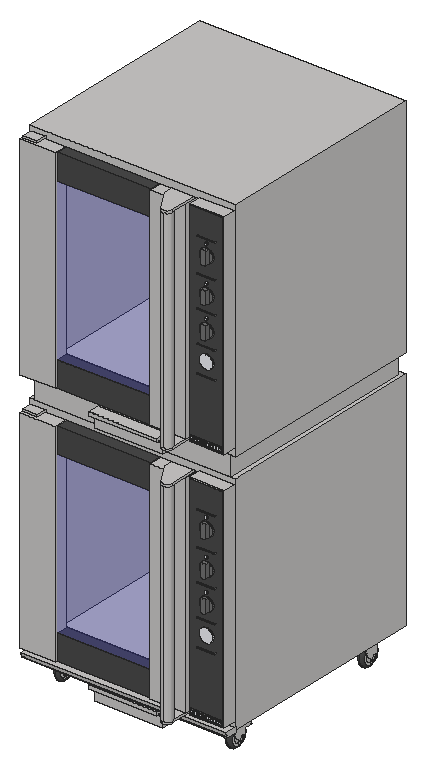
Revit family
Parameters
  Width = 28 7/8"
  Weight in Pounds = 361
  Watts = 1450 W
  Volts = 120 V
  URL Cutsheet = "www.moffat.com"
  URL = "www.moffat.com"
  Type Mark [instance] = ""
  Status [instance] = ""
  Specification by User [instance] = ""
  Specification by Manufacturer = ""
  Show Logo [instance] = yes
  Show Clearance [instance] = yes
  Serial Number = ""
  Seismic Rating = ""
  SMACNA No = ""
  Revision Code [instance] = ""
  Plumbing Remarks [instance] = ""
  Plumbing Connection Type [instance] = ""
  Phase = 1
  Omniclass Number and Title = ""
  Number of Poles [instance] = 1
  NAFEM Spec ID Number = ""
  Model = "P8M2"
  Min Ckt Ampacity = 0 A
  Max Overcurrent Protection = 0 A
  Masterspec = ""
  Manufacturer = "TURBOFAN"
  Item Number [instance] = ""
  Installed By [instance] = ""
  Identify Quantity as Lot [instance] = yes
  Height = 70 1/2"
  HP = ""
  Furnished By [instance] = ""
  Foodservice Equipment Identifier [instance] = yes
  FL Amps = 11.6 A
  Electrical Remarks [instance] = ""
  Electric Connection Type [instance] = ""
  Elec Conn RI Height [instance] = 0"
  Elec Conn Connection Height [instance] = 0"
  Description = "FULL SIZE SHEET PAN - MANUAL ELECTRIC PROOFER AND HOLDING CABINET DOUBLE STACKED"
  Depth = 31 7/8"
  Cycle = if(Code = 0, (if([60 Hertz Option], 60 Hz, 50 Hz)), 60 Hz)  # 60 Hz
  Conn Plug = "NEMA 5-15P"
  Conn Conduit = yes
  Cold Water Temperature Recommended [instance] = -459.67 °F
  Cold Water Size = 3/4"
  Cold Water RI Height [instance] = 0"
  Cold Water Minimum Pressure [instance] = 20.00 psi
  Cold Water Maximum Pressure [instance] = 80.00 psi
  Cold Water Flow [instance] = 0 GPM
  Cold Water Consumption [instance] = ""
  Cold Water Connection Height = 0"
  Code = 0
  CSI MasterFormat = ""
  CSI Master Format = ""
  Apparent Power = if(Phase = 3, Volts * FL Amps * 1.73, Volts * FL Amps)  # 1392 VA
  60 Hertz Option = yes
  50 Hertz Option = not([60 Hertz Option])  # no
Reference planes (in)
  plane 1 "BACK": y = 0
  plane 2: z = 0
  plane 3 "LEFT": x = 0
  plane 4 "RIGHT": x = 28.875
  plane 5 "FRONT": y = -31.875
  plane 6 "TOP": z = 36
  plane 7 "Center Y": x = 14.4375
  plane 8 "Center X": y = -15.9375
  plane 9 "base": z = 3
  plane 10: z = 3.96803
  plane 11: z = 4.59795
  plane 12 "front 1": y = -29.92126
  plane 13: z = 70.5
Forms (in)
  Extrusion 1, solid, material "QF_Finishes_Stainless Steel"
    sketch origin (0, 0, 0) x (1, 0, 0) y (0, 0, 1)
      loop
        line (0, 36) -> (0, 4.25) -> (28.875, 4.25) -> (28.875, 36) -> (0, 36)
      loop
        line (3, 33) -> (3, 7.59795) -> (20.48425, 7.59795) -> (20.48425, 33) -> (3, 33)
      loop
        line (0, 70.5) -> (0, 38.75) -> (28.875, 38.75) -> (28.875, 70.5) -> (0, 70.5)
      loop
        line (3, 67.5) -> (3, 42.09795) -> (20.48425, 42.09795) -> (20.48425, 67.5) -> (3, 67.5)
    from 0 to 29.92126
  Extrusion 2, solid, material "QF_Finishes_Stainless Steel"
    sketch origin (0, 0, 0) x (1, 0, 0) y (0, 0, 1)
      loop
        line (3, 33) -> (3, 7.59795) -> (20.48425, 7.59795) -> (20.48425, 33) -> (3, 33)
      loop
        line (3, 67.5) -> (3, 42.09795) -> (20.48425, 42.09795) -> (20.48425, 67.5) -> (3, 67.5)
    from 0 to 2
  Extrusion 3, solid, material "QF_Finishes_Stainless Steel"
    sketch origin (0, -29.92126, 0) x (1, 0, 0) y (0, 0, 1)
      loop
        line (0.15748, 35.06055) -> (0.15748, 5.40157) -> (5.11811, 5.40157) -> (5.11811, 35.06055) -> (0.15748, 35.06055)
      loop
        line (18.36614, 35.06055) -> (18.36614, 5.40157) -> (23.48425, 5.40157) -> (23.48425, 35.06055) -> (18.36614, 35.06055)
      loop
        line (0.15748, 69.56055) -> (0.15748, 39.90157) -> (5.11811, 39.90157) -> (5.11811, 69.56055) -> (0.15748, 69.56055)
      loop
        line (18.36614, 69.56055) -> (18.36614, 39.90157) -> (23.48425, 39.90157) -> (23.48425, 69.56055) -> (18.36614, 69.56055)
    from 0.125 to 1.95374
  Extrusion 4, solid, material "QF_Finishes_Stainless Steel"
    sketch origin (0, -29.92126, 0) x (1, 0, 0) y (0, 0, 1)
      loop
        line (24.01575, 35.29677) -> (24.01575, 5.39913) -> (28.875, 5.39913) -> (28.875, 35.29677) -> (24.01575, 35.29677)
      loop
        line (24.01575, 69.79677) -> (24.01575, 39.89913) -> (28.875, 39.89913) -> (28.875, 69.79677) -> (24.01575, 69.79677)
    from 0.125 to 1.95374
  Extrusion 5, solid, material "QF_Finishes_Black"
    sketch origin (0, -29.92126, 0) x (1, 0, 0) y (0, 0, 1)
      loop
        line (5.11811, 35.06055) -> (5.11811, 31.51724) -> (18.36614, 31.51724) -> (18.36614, 35.06055) -> (5.11811, 35.06055)
      loop
        line (5.11811, 5.40157) -> (18.36614, 5.40157) -> (18.36614, 8.94488) -> (5.11811, 8.94488) -> (5.11811, 5.40157)
      loop
        line (5.11811, 69.56055) -> (5.11811, 66.01724) -> (18.36614, 66.01724) -> (18.36614, 69.56055) -> (5.11811, 69.56055)
      loop
        line (5.11811, 39.90157) -> (18.36614, 39.90157) -> (18.36614, 43.44488) -> (5.11811, 43.44488) -> (5.11811, 39.90157)
    from 0.125 to 1.75
  Extrusion 6, solid, material "Glass"
    sketch origin (0, -29.92126, 0) x (1, 0, 0) y (0, 0, 1)
      loop
        line (5.11811, 31.51724) -> (5.11811, 8.94488) -> (18.36614, 8.94488) -> (18.36614, 31.51724) -> (5.11811, 31.51724)
      loop
        line (5.11811, 66.01724) -> (5.11811, 43.44488) -> (18.36614, 43.44488) -> (18.36614, 66.01724) -> (5.11811, 66.01724)
    from 0.125 to 1.75
  Extrusion 7, solid, material "QF_Finishes_Stainless Steel"
    sketch origin (0.15748, -29.92126, 35.06055) x (1, 0, 0) y (0, 1, 0)
      loop
        arc (22.00626, -4.67108) -> (22.78105, -4.98323) -> (23.2874, -4.3189) r 0.68898
        line (23.2874, -4.3189) -> (23.2874, -0.43307) -> (20.17717, -0.43307) -> (20.17717, -1.68743) -> (22.00626, -4.67108)
      loop
        line (0, 0) -> (0, -1.5) -> (2, -1.5) -> (2, 0) -> (0, 0)
    from 0 to 0.25
  Extrusion 8, solid, material "QF_Finishes_Stainless Steel"
    sketch origin (23.48425, -29.92126, 5.40157) x (0, 1, 0) y (1, 0, 0)
      loop
        line (-4.67108, -1.32051) -> (-1.68743, -3.14961) -> (-0.43307, -3.14961) -> (-0.43307, -0.03937) -> (-4.3189, -0.03937)
        arc (-4.3189, -0.03937) -> (-4.98323, -0.54572) -> (-4.67108, -1.32051) r 0.68898
      loop
        line (0, -23.32677) -> (0, -21.32677) -> (-1.5, -21.32677) -> (-1.5, -23.32677) -> (0, -23.32677)
    from 0 to 0.25
  Extrusion 9, solid, material "QF_Finishes_Stainless Steel"
    sketch origin (0.15748, -29.92126, 35.06055) x (0, 1, 0) y (1, 0, 0)
      loop
        circle (-4.3189, 22.59843) r 0.68898
    from 0 to 29.66142
  Extrusion 10, solid, material "QF_Finishes_Black"
    sketch origin (0, -31.875, 0) x (1, 0, 0) y (0, 0, 1)
      loop
        line (24.14075, 35.17177) -> (24.14075, 5.52413) -> (28.75, 5.52413) -> (28.75, 35.17177) -> (24.14075, 35.17177)
      loop
        line (24.14075, 69.67177) -> (24.14075, 40.02413) -> (28.75, 40.02413) -> (28.75, 69.67177) -> (24.14075, 69.67177)
    from 0 to 0.0625
  Extrusion 11, solid, material "QF_Finishes_Rubber Black"
    sketch origin (0, -31.9375, 0) x (1, 0, 0) y (0, 0, 1)
      loop
        circle (26.47638, 29.67323) r 0.94488
      loop
        circle (26.47638, 24.66142) r 0.94488
      loop
        circle (26.47638, 20.22441) r 0.94488
      loop
        line (25.19589, 31.81009) -> (25.19589, 31.71431) -> (27.69589, 31.71431) -> (27.69589, 31.81009) -> (25.19589, 31.81009)
      loop
        line (25.19589, 27.06009) -> (25.19589, 26.96431) -> (27.69589, 26.96431) -> (27.69589, 27.06009) -> (25.19589, 27.06009)
      loop
        line (25.19589, 22.62308) -> (25.19589, 22.52731) -> (27.69589, 22.52731) -> (27.69589, 22.62308) -> (25.19589, 22.62308)
      loop
        line (25.19589, 18.18607) -> (25.19589, 18.0903) -> (27.69589, 18.0903) -> (27.69589, 18.18607) -> (25.19589, 18.18607)
      loop
        line (25.19589, 14.43607) -> (25.19589, 14.3403) -> (27.69589, 14.3403) -> (27.69589, 14.43607) -> (25.19589, 14.43607)
      loop
        circle (26.47638, 64.17323) r 0.94488
      loop
        circle (26.47638, 59.16142) r 0.94488
      loop
        circle (26.47638, 54.72441) r 0.94488
      loop
        line (25.19589, 66.31009) -> (25.19589, 66.21431) -> (27.69589, 66.21431) -> (27.69589, 66.31009) -> (25.19589, 66.31009)
      loop
        line (25.19589, 61.56009) -> (25.19589, 61.46431) -> (27.69589, 61.46431) -> (27.69589, 61.56009) -> (25.19589, 61.56009)
      loop
        line (25.19589, 57.12308) -> (25.19589, 57.02731) -> (27.69589, 57.02731) -> (27.69589, 57.12308) -> (25.19589, 57.12308)
      loop
        line (25.19589, 52.68607) -> (25.19589, 52.5903) -> (27.69589, 52.5903) -> (27.69589, 52.68607) -> (25.19589, 52.68607)
      loop
        line (25.19589, 48.93607) -> (25.19589, 48.8403) -> (27.69589, 48.8403) -> (27.69589, 48.93607) -> (25.19589, 48.93607)
    from 0 to 0.125
  Extrusion 12, solid, material "QF_Finishes_White"
    sketch origin (0, -31.9375, 0) x (1, 0, 0) y (0, 0, 1)
      loop
        circle (26.47638, 31.14961) r 0.19685
      loop
        circle (26.47638, 26.1378) r 0.19685
      loop
        circle (26.47638, 21.70079) r 0.19685
      loop
        circle (26.47638, 16.2874) r 0.94488
      loop
        circle (26.47638, 65.64961) r 0.19685
      loop
        circle (26.47638, 60.6378) r 0.19685
      loop
        circle (26.47638, 56.20079) r 0.19685
      loop
        circle (26.47638, 50.7874) r 0.94488
    from 0 to 0.125
  Extrusion 13, solid, material "QF_Finishes_Rubber Black"
    sketch origin (0, -32.0625, 0) x (1, 0, 0) y (0, 0, 1)
      loop
        arc (26.79134, 30.56407) -> (26.47638, 30.61811) -> (26.16142, 30.56407) r 0.94488
        line (26.16142, 30.56407) -> (26.16142, 28.78239)
        arc (26.16142, 28.78239) -> (26.47638, 28.72835) -> (26.79134, 28.78239) r 0.94488
        line (26.79134, 28.78239) -> (26.79134, 30.56407)
      loop
        arc (26.79134, 25.55226) -> (26.47638, 25.6063) -> (26.16142, 25.55226) r 0.94488
        line (26.16142, 25.55226) -> (26.16142, 23.77057)
        arc (26.16142, 23.77057) -> (26.47638, 23.71654) -> (26.79134, 23.77057) r 0.94488
        line (26.79134, 23.77057) -> (26.79134, 25.55226)
      loop
        arc (26.79134, 21.11525) -> (26.47638, 21.16929) -> (26.16142, 21.11525) r 0.94488
        line (26.16142, 21.11525) -> (26.16142, 19.33357)
        arc (26.16142, 19.33357) -> (26.47638, 19.27953) -> (26.79134, 19.33357) r 0.94488
        line (26.79134, 19.33357) -> (26.79134, 21.11525)
      loop
        arc (26.79134, 65.06407) -> (26.47638, 65.11811) -> (26.16142, 65.06407) r 0.94488
        line (26.16142, 65.06407) -> (26.16142, 63.28239)
        arc (26.16142, 63.28239) -> (26.47638, 63.22835) -> (26.79134, 63.28239) r 0.94488
        line (26.79134, 63.28239) -> (26.79134, 65.06407)
      loop
        arc (26.79134, 60.05226) -> (26.47638, 60.1063) -> (26.16142, 60.05226) r 0.94488
        line (26.16142, 60.05226) -> (26.16142, 58.27057)
        arc (26.16142, 58.27057) -> (26.47638, 58.21654) -> (26.79134, 58.27057) r 0.94488
        line (26.79134, 58.27057) -> (26.79134, 60.05226)
      loop
        arc (26.79134, 55.61525) -> (26.47638, 55.66929) -> (26.16142, 55.61525) r 0.94488
        line (26.16142, 55.61525) -> (26.16142, 53.83357)
        arc (26.16142, 53.83357) -> (26.47638, 53.77953) -> (26.79134, 53.83357) r 0.94488
        line (26.79134, 53.83357) -> (26.79134, 55.61525)
    from 0 to 0.5
  Extrusion 14, solid, material "QF_Finishes_Stainless Steel"
    sketch origin (0, 0, 0) x (0, 1, 0) y (0, 0, 1)
      loop
        line (-29.79134, 4.59795) -> (-31.59755, 4.59795) -> (-31.45222, 4.05557)
        arc (-31.45222, 4.05557) -> (-31.41004, 3.99244) -> (-31.33813, 3.96803) r 0.11811
        line (-31.33813, 3.96803) -> (-29.90945, 3.96803)
        arc (-29.90945, 3.96803) -> (-29.82593, 4.00262) -> (-29.79134, 4.08614) r 0.11811
        line (-29.79134, 4.08614) -> (-29.79134, 4.59795)
    from 0 to 28.875
  Extrusion 15, solid, material "QF_Finishes_Stainless Steel"
    sketch origin (0, 0, 0) x (1, 0, 0) y (0, 0, 1)
      loop
        circle (24.84252, 32.26378) r 0.375
      loop
        circle (27.93701, 10.46803) r 0.5
      loop
        circle (24.84252, 66.76378) r 0.375
      loop
        circle (27.93701, 44.96803) r 0.5
    from 0 to -0.25
  Extrusion 16, solid, material "QF_Finishes_White", visible <- "Show Logo", detail levels medium+fine
    sketch origin (-216.37389, -32, 24.64305) x (0, 0, 1) y (-1, 0, 0)
      loop
        line (-18.8403, -240.70405) -> (-18.8403, -240.82356) -> (-18.71482, -240.82356) -> (-18.8403, -240.94904) -> (-18.8403, -241.1233) -> (-18.70217, -241.23921) -> (-18.86416, -241.25338) -> (-18.86416, -241.50338) -> (-18.4776, -241.50338) -> (-18.4776, -241.25338) -> (-18.61247, -241.14021) -> (-18.61247, -241.09448) -> (-18.4776, -241.00004) -> (-18.4776, -240.70405) -> (-18.8403, -240.70405)
      loop
        line (-18.4776, -241.65997) -> (-18.55758, -241.58) -> (-18.78625, -241.58) -> (-18.86416, -241.65791) -> (-18.86416, -242.19341) -> (-18.80186, -242.25571) -> (-18.55186, -242.25571) -> (-18.4776, -242.18146) -> (-18.4776, -241.65997)
      loop
        circle (-18.66997, -241.91009) r 0.17543
      loop
        line (-18.4776, -242.864) -> (-18.4776, -242.34319) -> (-18.86416, -242.34319) -> (-18.86416, -242.59319) -> (-18.76042, -242.59319) -> (-18.76042, -242.864) -> (-18.66722, -242.864) -> (-18.66722, -242.59319) -> (-18.57129, -242.59319) -> (-18.57129, -242.864) -> (-18.4776, -242.864)
      loop
        line (-18.4776, -243.4643) -> (-18.4776, -242.94349) -> (-18.86416, -242.94349) -> (-18.86416, -243.19349) -> (-18.76042, -243.19349) -> (-18.76042, -243.4643) -> (-18.66722, -243.4643) -> (-18.66722, -243.19349) -> (-18.57129, -243.19349) -> (-18.57129, -243.4643) -> (-18.4776, -243.4643)
      loop
        line (-18.4776, -243.57443) -> (-18.51098, -243.54105) -> (-18.86416, -243.54105) -> (-18.86416, -243.82065) -> (-18.77961, -243.82065) -> (-18.77961, -243.96424) -> (-18.86416, -243.96424) -> (-18.86416, -244.21424) -> (-18.5313, -244.21424) -> (-18.4776, -244.16054) -> (-18.4776, -243.57443)
      loop
        line (-18.65078, -243.82065) -> (-18.65078, -243.96424) -> (-18.60418, -243.96424) -> (-18.57129, -243.93135) -> (-18.57129, -243.85403) -> (-18.60467, -243.82065) -> (-18.65078, -243.82065)
      loop
        line (-18.46045, -244.27159) -> (-18.57129, -244.27159) -> (-18.57129, -244.41961) -> (-18.86416, -244.41961) -> (-18.86416, -244.69372) -> (-18.57129, -244.69372) -> (-18.57129, -244.86093) -> (-18.46045, -244.86093) -> (-18.46045, -244.27159)
      loop
        line (15.6597, -240.70405) -> (15.6597, -240.82356) -> (15.78518, -240.82356) -> (15.6597, -240.94904) -> (15.6597, -241.1233) -> (15.79783, -241.23921) -> (15.63584, -241.25338) -> (15.63584, -241.50338) -> (16.0224, -241.50338) -> (16.0224, -241.25338) -> (15.88753, -241.14021) -> (15.88753, -241.09448) -> (16.0224, -241.00004) -> (16.0224, -240.70405) -> (15.6597, -240.70405)
      loop
        line (16.0224, -241.65997) -> (15.94242, -241.58) -> (15.71375, -241.58) -> (15.63584, -241.65791) -> (15.63584, -242.19341) -> (15.69814, -242.25571) -> (15.94814, -242.25571) -> (16.0224, -242.18146) -> (16.0224, -241.65997)
      loop
        circle (15.83003, -241.91009) r 0.17543
      loop
        line (16.0224, -242.864) -> (16.0224, -242.34319) -> (15.63584, -242.34319) -> (15.63584, -242.59319) -> (15.73958, -242.59319) -> (15.73958, -242.864) -> (15.83278, -242.864) -> (15.83278, -242.59319) -> (15.92871, -242.59319) -> (15.92871, -242.864) -> (16.0224, -242.864)
      loop
        line (16.0224, -243.4643) -> (16.0224, -242.94349) -> (15.63584, -242.94349) -> (15.63584, -243.19349) -> (15.73958, -243.19349) -> (15.73958, -243.4643) -> (15.83278, -243.4643) -> (15.83278, -243.19349) -> (15.92871, -243.19349) -> (15.92871, -243.4643) -> (16.0224, -243.4643)
      loop
        line (16.0224, -243.57443) -> (15.98902, -243.54105) -> (15.63584, -243.54105) -> (15.63584, -243.82065) -> (15.72039, -243.82065) -> (15.72039, -243.96424) -> (15.63584, -243.96424) -> (15.63584, -244.21424) -> (15.9687, -244.21424) -> (16.0224, -244.16054) -> (16.0224, -243.57443)
      loop
        line (15.84922, -243.82065) -> (15.84922, -243.96424) -> (15.89582, -243.96424) -> (15.92871, -243.93135) -> (15.92871, -243.85403) -> (15.89533, -243.82065) -> (15.84922, -243.82065)
      loop
        line (16.03955, -244.27159) -> (15.92871, -244.27159) -> (15.92871, -244.41961) -> (15.63584, -244.41961) -> (15.63584, -244.69372) -> (15.92871, -244.69372) -> (15.92871, -244.86093) -> (16.03955, -244.86093) -> (16.03955, -244.27159)
    from 0 to 0.0625
  Extrusion 17, solid, material "QF_Finishes_Rubber Black", visible <- "Show Logo", detail levels medium+fine
    sketch origin (-216.43639, -31.9375, 24.64305) x (0, 0, 1) y (-1, 0, 0)
      loop
        line (-18.35157, -240.65725) -> (-18.99829, -240.65725) -> (-18.99829, -245.0744) -> (-18.35157, -245.0744) -> (-18.35157, -240.65725)
      loop
        line (16.14843, -240.65725) -> (15.50171, -240.65725) -> (15.50171, -245.0744) -> (16.14843, -245.0744) -> (16.14843, -240.65725)
    from 0 to 0.0625
  Extrusion 18, solid, material "QF_Finishes_Door Clearance", visible <- "Show Clearance", detail levels coarse
    sketch origin (0, 0, 0) x (1, 0, 0) y (0, 1, 0)
      loop
        line (23.48425, -31.875) -> (0.15748, -31.875) -> (0.15748, -55.20177)
        arc (0.15748, -55.20177) -> (16.652, -48.36952) -> (23.48425, -31.875) r 23.32677
    from 5.39913 to 35.06055
  Extrusion 19, solid, material "QF_Finishes_Clearance", visible <- "Show Clearance", detail levels coarse
    sketch origin (0, 0, 0) x (1, 0, 0) y (0, 1, 0)
      loop
        line (28.875, 0) -> (28.875, -31.875) -> (29.875, -31.875) -> (29.875, 0) -> (28.875, 0)
    from 0 to 70.5
  Extrusion 20, solid, material "QF_Finishes_Stainless Steel"
    sketch origin (0, 0, 0) x (0, 1, 0) y (0, 0, 1)
      loop
        line (-0.62992, 38.75) -> (-29.92126, 38.75) -> (-29.92126, 36) -> (-0.62992, 36) -> (-0.62992, 38.75)
    from 0.59375 to 28.28125
  Extrusion 21, solid, material "QF_Finishes_Stainless Steel"
    sketch origin (0.15748, -29.92126, 69.56055) x (1, 0, 0) y (0, 1, 0)
      loop
        arc (22.00626, -4.67108) -> (22.78105, -4.98323) -> (23.2874, -4.3189) r 0.68898
        line (23.2874, -4.3189) -> (23.2874, -0.43307) -> (20.17717, -0.43307) -> (20.17717, -1.68743) -> (22.00626, -4.67108)
      loop
        line (0, 0) -> (0, -1.5) -> (2, -1.5) -> (2, 0) -> (0, 0)
    from 0 to 0.25
  Extrusion 22, solid, material "QF_Finishes_Stainless Steel"
    sketch origin (5.11811, -29.92126, 39.90157) x (0, 1, 0) y (1, 0, 0)
      loop
        line (-4.67108, 17.04563) -> (-1.68743, 15.21654) -> (-0.43307, 15.21654) -> (-0.43307, 18.32677) -> (-4.3189, 18.32677)
        arc (-4.3189, 18.32677) -> (-4.98323, 17.82042) -> (-4.67108, 17.04563) r 0.68898
      loop
        line (0, -4.96063) -> (0, -2.96063) -> (-1.5, -2.96063) -> (-1.5, -4.96063) -> (0, -4.96063)
    from 0 to 0.25
  Extrusion 23, solid, material "QF_Finishes_Stainless Steel"
    sketch origin (5.11811, -29.92126, 39.90157) x (0, 1, 0) y (-1, 0, 0)
      loop
        circle (-4.3189, -17.6378) r 0.68898
    from 0 to 29.66142
  Extrusion 24, solid, material "QF_Finishes_Stainless Steel"
    sketch origin (0, 0, 0) x (0, 1, 0) y (0, 0, 1)
      loop
        line (-29.92126, 38.40701) -> (-31.60025, 38.40701) -> (-31.60025, 37.93457) -> (-31.53775, 37.93457) -> (-31.53775, 38.26996) -> (-31.42269, 38.26996) -> (-30.62367, 37.33971) -> (-30.62367, 36) -> (-29.92126, 36) -> (-29.92126, 38.40701)
      loop
        line (-22.40884, 3.93457) -> (-31.60025, 3.93457) -> (-31.60025, 3.46212) -> (-31.53775, 3.46212) -> (-31.53775, 3.79752) -> (-31.42269, 3.79752) -> (-30.62367, 2.86727) -> (-30.62367, 1.52756) -> (-22.40884, 1.52756) -> (-22.40884, 3.93457)
    from 9.65625 to 19.21875
  Extrusion 25, solid, material "QF_Finishes_Door Clearance", visible <- "Show Clearance", detail levels coarse
    sketch origin (5.11811, -29.92126, 39.90157) x (0, -1, 0) y (-1, 0, 0)
      loop
        arc (1.95374, -18.36614) -> (18.44826, -11.53389) -> (25.28051, 4.96063) r 23.32677
        line (25.28051, 4.96063) -> (1.95374, 4.96063) -> (1.95374, -18.36614)
    from -29.65897 to -0.12256
Cuts and joins
  joined: Extrusion 1, Extrusion 2
Lines and regions (in)
  symbolic lines
    curve 1: line (0, 0, 0) -> (28.875, 0, 0)
    curve 2: line (0, -29.92126, 0) -> (0, 0, 0)
    curve 3: line (28.875, -29.92126, 0) -> (0, -29.92126, 0)
    curve 4: line (28.875, 0, 0) -> (28.875, -29.92126, 0)
    curve 5: line (24.01575, -31.875, 0) -> (28.875, -31.875, 0)
    curve 6: line (24.01575, -29.92126, 0) -> (24.01575, -31.875, 0)
    curve 7: line (28.875, -31.875, 0) -> (28.875, -29.92126, 0)
    curve 8: line (23.48425, -30.04626, 0) -> (0.15748, -30.04626, 0)
    curve 9: line (23.48425, -31.875, 0) -> (23.48425, -30.04626, 0)
    curve 10: line (23.44488, -30.35433, 0) -> (20.33465, -30.35433, 0)
    curve 11: line (20.33465, -30.35433, 0) -> (20.33465, -31.60869, 0)
    curve 12: line (20.33465, -31.60869, 0) -> (22.16374, -34.59234, 0)
    curve 13: arc (22.16374, -34.59234, 0) -> (22.93853, -34.90449, 0) -> (23.44488, -34.24016, 0) r 0.68898
    curve 14: line (23.44488, -34.24016, 0) -> (23.44488, -30.35433, 0)
    curve 15: line (24.01575, -31.59755, 0) -> (23.48425, -31.59755, 0)
    curve 16: line (23.48425, -31.875, 0) -> (23.44488, -31.875, 0)
    curve 17: line (20.4979, -31.875, 0) -> (0.15748, -31.875, 0)
    curve 18: line (0.15748, -31.875, 0) -> (0.15748, -30.04626, 0)
    curve 19: line (0, -29.92126, 0) -> (0, -31.59755, 0)
    curve 20: line (0, -31.59755, 0) -> (0.15748, -31.59755, 0)
  symbolic lines, style "QF-Door Swings"
    curve 21: arc (0.15748, -55.20177, 0) -> (16.652, -48.36952, 0) -> (23.48425, -31.875, 0) r 23.32677
    curve 22: line (0.15748, -31.875, 0) -> (0.15748, -55.20177, 0)
  symbolic lines, style "QF-Clearances", visible <- "Show Clearance", detail levels coarse
    curve 23: line (29.875, -31.875, 0) -> (29.875, 0, 0)
  symbolic lines, style "SpecialityEquipmentHiddenLines"
    curve 24: line (3.16305, -1.37807, 0) -> (3.81257, -1.75307, 0)
    curve 25: line (1.66305, -3.97615, 0) -> (3.16305, -1.37807, 0)
    curve 26: line (2.31257, -4.35115, 0) -> (1.66305, -3.97615, 0)
    curve 27: line (3.81257, -1.75307, 0) -> (2.31257, -4.35115, 0)
    curve 28: line (26.66305, -1.37807, 0) -> (27.31257, -1.75307, 0)
    curve 29: line (25.16305, -3.97615, 0) -> (26.66305, -1.37807, 0)
    curve 30: line (25.81257, -4.35115, 0) -> (25.16305, -3.97615, 0)
    curve 31: line (27.31257, -1.75307, 0) -> (25.81257, -4.35115, 0)
    curve 32: line (3.16305, -25.37807, 0) -> (3.81257, -25.75307, 0)
    curve 33: line (1.66305, -27.97615, 0) -> (3.16305, -25.37807, 0)
    curve 34: line (2.31257, -28.35115, 0) -> (1.66305, -27.97615, 0)
    curve 35: line (3.81257, -25.75307, 0) -> (2.31257, -28.35115, 0)
    curve 36: line (26.66305, -25.37807, 0) -> (27.31257, -25.75307, 0)
    curve 37: line (25.16305, -27.97615, 0) -> (26.66305, -25.37807, 0)
    curve 38: line (25.81257, -28.35115, 0) -> (25.16305, -27.97615, 0)
    curve 39: line (27.31257, -25.75307, 0) -> (25.81257, -28.35115, 0)
Dimensions and locks (in)
  equal spacing: plane 3 "LEFT", plane 7 "Center Y", plane 4 "RIGHT"
  "Width": plane 3 "LEFT" to plane 4 "RIGHT"
  equal spacing: plane 5 "FRONT", plane 8 "Center X", plane 1 "BACK"
  "Depth": plane 5 "FRONT" to plane 1 "BACK"
  plane 6 "TOP" to level = 36"
  plane 9 "base" to level = 3"
  "Height": plane 13 to level
  aligned and locked: level to plane 2
  aligned and locked: Extrusion 1 to plane 12 "front 1"
  aligned and locked: plane 4 "RIGHT" to Extrusion 14
Automatic sketch dimensions
  plane 1 "BACK" to curve 1 = 0"
  curve 1 to plane 3 "LEFT" = 0"
  plane 5 "FRONT" to curve 22 = 0"
  plane 5 "FRONT" to curve 21 = 0"
  plane 5 "FRONT" to curve 5 = 0"
  curve 6 to plane 12 "front 1" = 0"
  curve 7 to plane 4 "RIGHT" = 0"
  plane 1 "BACK" to curve 23 = 0"
  plane 5 "FRONT" to curve 23 = 0"
  plane 3 "LEFT" to curve 20 = 0.15748"
  plane 3 "LEFT" to curve 25 = 1.66305"
  plane 3 "LEFT" to curve 34 = 1.66305"
  curve 33 to curve 35 = 0.64952"
  curve 25 to curve 26 = 0.64952"
  plane 1 "BACK" to curve 25 = 1.37807"
  curve 25 to curve 25 = 1 1/2"
  curve 33 to curve 33 = 1 1/2"
  curve 11 to plane 5 "FRONT" = 0.26631"
  plane 7 "Center Y" to curve 11 = 5.89715"
  curve 11 to curve 17 = 0.16326"
  plane 5 "FRONT" to curve 12 = 2.71734"
  curve 12 to curve 13 = 0.59216"
  curve 13 to curve 14 = 0.68898"
  curve 16 to curve 21 = 0.03937"
  curve 9 to curve 5 = 0.5315"
  curve 30 to plane 4 "RIGHT" = 3.71195"
  curve 6 to curve 38 = 1.1473"
  curve 29 to curve 30 = 0.64952"
  plane 12 "front 1" to curve 39 = 1.57011"
  curve 37 to curve 39 = 0.64952"
  curve 37 to plane 4 "RIGHT" = 2.21195"
  curve 29 to plane 4 "RIGHT" = 2.21195"
  plane 4 "RIGHT" to curve 23 = 1"
  curve 20 to plane 5 "FRONT" = 0.27745"
  curve 15 to plane 5 "FRONT" = 0.27745"
  curve 14 to plane 12 "front 1" = 0.43307"
  curve 8 to plane 12 "front 1" = 1/8"
  plane 12 "front 1" to curve 34 = 1.57011"
  curve 38 to curve 38 = 3/8"
  curve 34 to curve 33 = 3/8"
  plane 1 "BACK" to curve 30 = 4.35115"
  curve 26 to curve 24 = 2.97308"
  curve 30 to curve 30 = 3/8"
  Extrusion 1 sketch curve to plane 3 "LEFT" = 0"  (x2)
  Extrusion 1 sketch curve to plane 4 "RIGHT" = 0"  (x2)
  Extrusion 1 sketch curve to plane 6 "TOP" = 0"
  Extrusion 1 sketch curve to plane 13 = 0"
  plane 3 "LEFT" to Extrusion 1 sketch curve = 3"  (x2)
  Extrusion 1 sketch curve to plane 11 = 3"
  plane 7 "Center Y" to Extrusion 1 sketch curve = 6.04675"  (x2)
  plane 10 to Extrusion 1 sketch curve = 0.28197"
  Extrusion 1 sketch curve to plane 6 "TOP" = 3"
  Extrusion 1 sketch curve to Extrusion 1 sketch curve = 2 3/4"
  Extrusion 1 sketch curve to Extrusion 1 sketch curve = 3.34795"
  Extrusion 1 sketch curve to plane 13 = 3"
  plane 3 "LEFT" to Extrusion 2 sketch curve = 3"  (x2)
  Extrusion 2 sketch curve to plane 13 = 3"
  plane 7 "Center Y" to Extrusion 2 sketch curve = 6.04675"  (x2)
  Extrusion 2 sketch curve to plane 6 "TOP" = 3"
  Extrusion 2 sketch curve to plane 11 = 3"
  plane 6 "TOP" to Extrusion 2 sketch curve = 6.09795"
  Extrusion 3 sketch curve to Extrusion 1 = 0.15748"  (x2)
  Extrusion 1 to Extrusion 3 sketch curve = 2.11811"  (x4)
  Extrusion 3 sketch curve to Extrusion 1 = 0.93945"  (x4)
  Extrusion 3 sketch curve to Extrusion 1 = 3"  (x2)
  Extrusion 3 sketch curve to Extrusion 1 = 1.15157"  (x4)
  Extrusion 4 sketch curve to Extrusion 1 = 0"  (x2)
  Extrusion 4 sketch curve to Extrusion 1 = 0.70323"  (x2)
  Extrusion 4 sketch curve to Extrusion 1 = 3.5315"  (x2)
  Extrusion 4 sketch curve to Extrusion 1 = 1.14913"  (x2)
  Extrusion 5 sketch curve to Extrusion 1 = 0.93945"  (x2)
  Extrusion 1 to Extrusion 5 sketch curve = 2.11811"  (x8)
  Extrusion 1 to Extrusion 5 sketch curve = 1.48276"  (x2)
  Extrusion 1 to Extrusion 5 sketch curve = 1.34693"  (x2)
  Extrusion 5 sketch curve to Extrusion 1 = 1.15157"  (x2)
  Extrusion 1 to Extrusion 6 sketch curve = 2.11811"  (x4)
  Extrusion 1 to Extrusion 6 sketch curve = 1.34693"  (x2)
  Extrusion 1 to Extrusion 6 sketch curve = 1.48276"  (x2)
  Extrusion 7 sketch curve to Extrusion 3 = 0"
  Extrusion 3 to Extrusion 7 sketch curve = 0.45374"
  Extrusion 7 sketch curve to Extrusion 3 = 2"
  Extrusion 3 to Extrusion 7 sketch curve = 0.26631"
  Extrusion 3 to Extrusion 7 sketch curve = 15.21654"
  Extrusion 7 sketch curve to Extrusion 7 sketch curve = 1.8291"
  Extrusion 7 sketch curve to Extrusion 7 sketch curve = 0.59216"
  Extrusion 7 sketch curve to Extrusion 7 sketch curve = 0.68898"
  Extrusion 7 sketch curve to Extrusion 3 = 2.36516"
  Extrusion 3 to Extrusion 7 sketch curve = 0.30807"
  Extrusion 7 sketch curve to Extrusion 3 = 1/8"
  Extrusion 3 to Extrusion 8 sketch curve = 1.32051"
  Extrusion 3 to Extrusion 8 sketch curve = 2.71734"
  Extrusion 3 to Extrusion 8 sketch curve = 0.03937"
  Extrusion 8 sketch curve to Extrusion 8 sketch curve = 0.35218"
  Extrusion 8 sketch curve to Extrusion 3 = 0.26631"
  Extrusion 8 sketch curve to Extrusion 3 = 0.45374"
  Extrusion 8 sketch curve to Extrusion 3 = 0.30807"
  Extrusion 3 to Extrusion 8 sketch curve = 1/8"
  Extrusion 8 sketch curve to Extrusion 3 = 1.9685"
  Extrusion 3 to Extrusion 8 sketch curve = 16.20866"
  Extrusion 8 sketch curve to Extrusion 8 sketch curve = 2"
  Extrusion 10 sketch curve to Extrusion 4 = 1/8"  (x8)
  Extrusion 11 sketch curve to Extrusion 10 = 1.05515"  (x10)
  Extrusion 11 sketch curve to Extrusion 10 = 2.27362"  (x6)
  Extrusion 11 sketch curve to Extrusion 10 = 1.05411"  (x10)
  Extrusion 11 sketch curve to Extrusion 10 = 8.81617"  (x2)
  Extrusion 11 sketch curve to Extrusion 11 sketch curve = 0.09577"  (x10)
  Extrusion 11 sketch curve to Extrusion 11 sketch curve = 3.65423"  (x2)
  Extrusion 11 sketch curve to Extrusion 11 sketch curve = 2.03834"  (x4)
  Extrusion 11 sketch curve to Extrusion 11 sketch curve = 2.3029"  (x4)
  Extrusion 11 sketch curve to Extrusion 11 sketch curve = 2.61314"  (x2)
  Extrusion 11 sketch curve to Extrusion 11 sketch curve = 2.04108"  (x2)
  Extrusion 12 sketch curve to Extrusion 10 = 2.27362"  (x8)
  Extrusion 12 sketch curve to Extrusion 10 = 10.76327"  (x2)
  Extrusion 12 sketch curve to Extrusion 12 sketch curve = 5.41339"  (x2)
  Extrusion 12 sketch curve to Extrusion 12 sketch curve = 4.43701"  (x2)
  Extrusion 12 sketch curve to Extrusion 10 = 4.02216"  (x2)
  Extrusion 13 sketch curve to Extrusion 13 sketch curve = 0.31496"  (x6)
  Extrusion 13 sketch curve to Extrusion 13 sketch curve = 0.62992"  (x6)
  plane 11 to Extrusion 14 sketch curve = 0"
  Extrusion 14 sketch curve to plane 5 "FRONT" = 0.27745"
  plane 10 to Extrusion 14 sketch curve = 0.08754"
  Extrusion 14 sketch curve to plane 5 "FRONT" = 0.42278"
  Extrusion 14 sketch curve to Extrusion 14 sketch curve = 0.11409"
  plane 10 to Extrusion 14 sketch curve = 0"
  plane 12 "front 1" to Extrusion 14 sketch curve = 0.01181"
  plane 12 "front 1" to Extrusion 14 sketch curve = 0.12992"
  Extrusion 15 sketch curve to plane 4 "RIGHT" = 4.03248"  (x2)
  Extrusion 15 sketch curve to plane 4 "RIGHT" = 0.93799"  (x2)
  Extrusion 15 sketch curve to plane 11 = 5.87008"
  Extrusion 15 sketch curve to plane 6 "TOP" = 3.73622"
  plane 6 "TOP" to Extrusion 15 sketch curve = 8.96803"
  Extrusion 15 sketch curve to plane 13 = 3.73622"
  plane 5 "FRONT" to Extrusion 18 sketch curve = 0"
  plane 3 "LEFT" to Extrusion 18 sketch curve = 0.15748"
  Extrusion 18 sketch curve to plane 4 "RIGHT" = 5.39075"
  Extrusion 19 sketch curve to plane 4 "RIGHT" = 0"
  plane 5 "FRONT" to Extrusion 19 sketch curve = 0"
  plane 1 "BACK" to Extrusion 19 sketch curve = 0"
  plane 4 "RIGHT" to Extrusion 19 sketch curve = 1"
  Extrusion 20 sketch curve to plane 12 "front 1" = 0"
  Extrusion 20 sketch curve to plane 6 "TOP" = 0"
  plane 1 "BACK" to Extrusion 20 sketch curve = 0.62992"
  Extrusion 20 sketch curve to Extrusion 20 sketch curve = 2 3/4"
  Extrusion 21 sketch curve to Extrusion 3 = 0"
  Extrusion 3 to Extrusion 21 sketch curve = 0.45374"
  Extrusion 21 sketch curve to Extrusion 3 = 2"
  Extrusion 3 to Extrusion 21 sketch curve = 0.26631"
  Extrusion 3 to Extrusion 21 sketch curve = 15.21654"
  Extrusion 21 sketch curve to Extrusion 21 sketch curve = 1.8291"
  Extrusion 21 sketch curve to Extrusion 21 sketch curve = 0.59216"
  Extrusion 21 sketch curve to Extrusion 21 sketch curve = 0.68898"
  Extrusion 21 sketch curve to Extrusion 3 = 2.36516"
  Extrusion 3 to Extrusion 21 sketch curve = 0.30807"
  Extrusion 21 sketch curve to Extrusion 3 = 1/8"
  Extrusion 22 sketch curve to Extrusion 3 = 0"
  Extrusion 3 to Extrusion 22 sketch curve = 2.71734"
  Extrusion 22 sketch curve to Extrusion 22 sketch curve = 0.35218"
  Extrusion 22 sketch curve to Extrusion 3 = 0.26631"
  Extrusion 22 sketch curve to Extrusion 3 = 0.45374"
  Extrusion 22 sketch curve to Extrusion 3 = 0.30807"
  Extrusion 3 to Extrusion 22 sketch curve = 1/8"
  Extrusion 22 sketch curve to Extrusion 3 = 2"
  Extrusion 22 sketch curve to Extrusion 3 = 15.21654"
  Extrusion 22 sketch curve to Extrusion 22 sketch curve = 1.8291"
  Extrusion 22 sketch curve to Extrusion 22 sketch curve = 0.59216"
  Extrusion 24 sketch curve to plane 6 "TOP" = 0"
  Extrusion 24 sketch curve to plane 12 "front 1" = 0"
  Extrusion 24 sketch curve to plane 12 "front 1" = 0.70241"  (x2)
  Extrusion 24 sketch curve to plane 10 = 0.17051"
  Extrusion 24 sketch curve to plane 5 "FRONT" = 0.45231"  (x2)
  Extrusion 24 sketch curve to Extrusion 24 sketch curve = 0.11506"  (x2)
  Extrusion 24 sketch curve to Extrusion 24 sketch curve = 1/16"  (x2)
  Extrusion 24 sketch curve to plane 10 = 0.03346"
  Extrusion 24 sketch curve to plane 8 "Center X" = 6.47134"
  Extrusion 24 sketch curve to Extrusion 24 sketch curve = 0.3354"  (x2)
  Extrusion 24 sketch curve to plane 9 "base" = 0.13273"
  Extrusion 24 sketch curve to Extrusion 24 sketch curve = 1.33971"  (x2)
  Extrusion 24 sketch curve to Extrusion 24 sketch curve = 0.59486"
  Extrusion 24 sketch curve to Extrusion 24 sketch curve = 1.0673"
  Extrusion 5 to Extrusion 25 sketch curve = 0.20374"
  Extrusion 5 to Extrusion 25 sketch curve = 4.96063"
  Extrusion 25 sketch curve to Extrusion 25 sketch curve = 23.32677"
  Extrusion 17 sketch curve to plane 11 = 1.04681"
  Extrusion 17 sketch curve to Extrusion 17 sketch curve = 0.64672"  (x2)
  Extrusion 17 sketch curve to plane 4 "RIGHT" = 0.23699"  (x2)
  plane 6 "TOP" to Extrusion 17 sketch curve = 4.14476"
  Extrusion 17 sketch curve to Extrusion 17 sketch curve = 4.41715"  (x2)
  Extrusion 16 sketch curve to Extrusion 17 = 0.13413"  (x14)
  Extrusion 16 sketch curve to Extrusion 17 = 0.15799"  (x2)
  Extrusion 16 sketch curve to Extrusion 16 sketch curve = 0"  (x11)
  Extrusion 16 sketch curve to Extrusion 16 sketch curve = 0.0623"  (x4)
  Extrusion 16 sketch curve to Extrusion 16 sketch curve = 0.07791"  (x3)
  Extrusion 16 sketch curve to Extrusion 16 sketch curve = 0.08455"  (x2)
  Extrusion 16 sketch curve to Extrusion 16 sketch curve = 0.10374"  (x4)
  Extrusion 16 sketch curve to Extrusion 16 sketch curve = 0.12548"  (x4)
  Extrusion 16 sketch curve to Extrusion 16 sketch curve = 0.16199"  (x2)
  Extrusion 16 sketch curve to Extrusion 16 sketch curve = 0.19419"  (x2)
  Extrusion 16 sketch curve to Extrusion 16 sketch curve = 0.0932"  (x4)
  Extrusion 16 sketch curve to Extrusion 16 sketch curve = 0.12883"  (x2)
  Extrusion 16 sketch curve to Extrusion 16 sketch curve = 0.0897"  (x2)
  Extrusion 16 sketch curve to Extrusion 16 sketch curve = 0.04611"  (x2)
  Extrusion 16 sketch curve to Extrusion 16 sketch curve = 0.0466"  (x2)
  Extrusion 16 sketch curve to Extrusion 16 sketch curve = 0.09594"  (x4)
  Extrusion 16 sketch curve to Extrusion 16 sketch curve = 0.03289"  (x3)
  Extrusion 16 sketch curve to Extrusion 17 = 0.21971"  (x4)
  Extrusion 16 sketch curve to Extrusion 17 = 0.20601"  (x2)
  Extrusion 16 sketch curve to Extrusion 17 = 0.20028"  (x2)
  Extrusion 16 sketch curve to Extrusion 16 sketch curve = 0.03999"  (x2)
  Extrusion 16 sketch curve to Extrusion 16 sketch curve = 0.0603"  (x2)
  Extrusion 16 sketch curve to Extrusion 16 sketch curve = 0.03338"  (x7)
  Extrusion 16 sketch curve to Extrusion 16 sketch curve = 0.07425"  (x3)
  Extrusion 16 sketch curve to Extrusion 16 sketch curve = 0.07998"  (x5)
  Extrusion 16 sketch curve to Extrusion 17 = 0.12603"  (x2)
  Extrusion 16 sketch curve to Extrusion 17 = 0.10888"  (x2)
  Extrusion 16 sketch curve to Extrusion 16 sketch curve = 0.05369"  (x3)
  Extrusion 16 sketch curve to Extrusion 17 = 0.15098"  (x2)
  Extrusion 16 sketch curve to Extrusion 16 sketch curve = 0.16721"
  Extrusion 16 sketch curve to Extrusion 17 = 0.31818"
  Extrusion 16 sketch curve to Extrusion 16 sketch curve = 0.27411"  (x2)
  Extrusion 16 sketch curve to Extrusion 16 sketch curve = 0.14802"  (x2)
  Extrusion 16 sketch curve to Extrusion 16 sketch curve = 0.20537"
  Extrusion 16 sketch curve to Extrusion 16 sketch curve = 0.05735"
  Extrusion 16 sketch curve to Extrusion 16 sketch curve = 0.19631"  (x2)
  Extrusion 16 sketch curve to Extrusion 16 sketch curve = 0.07731"  (x2)
  Extrusion 16 sketch curve to Extrusion 16 sketch curve = 0.14359"
  Extrusion 16 sketch curve to Extrusion 16 sketch curve = 0.24622"  (x2)
  Extrusion 16 sketch curve to Extrusion 16 sketch curve = 0.27959"
  Extrusion 16 sketch curve to Extrusion 16 sketch curve = 0.07675"  (x4)
  Extrusion 16 sketch curve to Extrusion 16 sketch curve = 0.27081"  (x4)
  Extrusion 16 sketch curve to Extrusion 16 sketch curve = 1/4"  (x8)
  Extrusion 16 sketch curve to Extrusion 16 sketch curve = 0.07949"  (x3)
  Extrusion 16 sketch curve to Extrusion 16 sketch curve = 0.08747"  (x2)
  Extrusion 16 sketch curve to Extrusion 16 sketch curve = 0.27137"  (x2)
  Extrusion 16 sketch curve to Extrusion 16 sketch curve = 0.25011"  (x2)
  Extrusion 16 sketch curve to Extrusion 16 sketch curve = 0.25218"  (x2)
  Extrusion 16 sketch curve to Extrusion 16 sketch curve = 0.07662"  (x2)
  Extrusion 16 sketch curve to Extrusion 16 sketch curve = 0.01417"  (x2)
  Extrusion 16 sketch curve to Extrusion 16 sketch curve = 0.09899"  (x2)
  Extrusion 16 sketch curve to Extrusion 16 sketch curve = 0.13008"  (x2)
  Extrusion 16 sketch curve to Extrusion 16 sketch curve = 0.04573"  (x2)
  Extrusion 16 sketch curve to Extrusion 16 sketch curve = 0.09443"  (x2)
  Extrusion 16 sketch curve to Extrusion 16 sketch curve = 0.17426"  (x2)
  Extrusion 16 sketch curve to Extrusion 17 = 0.1093"  (x2)
  radius of Extrusion 9 sketch curve to Extrusion 7 = 0"
  radius of Extrusion 11 sketch curve = 0.94488"  (x6)
  radius of Extrusion 12 sketch curve = 0.19685"  (x6)
  radius of Extrusion 12 sketch curve = 0.94488"  (x2)
  radius of Extrusion 13 sketch curve to Extrusion 11 = 0"  (x12)
  radius of Extrusion 15 sketch curve = 3/8"  (x2)
  radius of Extrusion 15 sketch curve = 1/2"  (x2)
  radius of Extrusion 23 sketch curve to Extrusion 22 = 0"
  radius of Extrusion 16 sketch curve = 0.17543"  (x2)
Nested families (in)
  nested 1: "Turbofan 3" Casters" at (26.55071, -27.66379, 0), type "Turbofan 3" Casters"
    with Type Mark "", Status "", Specification by User "", Revision Code "", Rear Caster no, Item Number "", Installed By "", Identify Quantity as Lot yes, Furnished By "", Front Caster yes, Foodservice Equipment Identifier yes
  nested 2: "Turbofan 3" Casters" at (26.55071, -4.41379, 0), type "Turbofan 3" Casters"
    with Type Mark "", Status "", Specification by User "", Revision Code "", Rear Caster yes, Item Number "", Installed By "", Identify Quantity as Lot yes, Furnished By "", Front Caster no, Foodservice Equipment Identifier yes
  nested 3: "Turbofan 3" Casters" at (2.38189, -27.66379, 0), type "Turbofan 3" Casters"
    with Type Mark "", Status "", Specification by User "", Revision Code "", Rear Caster no, Item Number "", Installed By "", Identify Quantity as Lot yes, Furnished By "", Front Caster yes, Foodservice Equipment Identifier yes
  nested 4: "Turbofan 3" Casters" at (2.38189, -4.41379, 0), type "Turbofan 3" Casters"
    with Type Mark "", Status "", Specification by User "", Revision Code "", Rear Caster yes, Item Number "", Installed By "", Identify Quantity as Lot yes, Furnished By "", Front Caster no, Foodservice Equipment Identifier yes
  nested 5: "P8M STACKED" at (-20.09659, 48, 44.96916), Watts <- "Watts", Volts <- "Volts", Phase <- "Phase", Number of Poles <- "Number of Poles", Min Ckt Ampacity <- "Min Ckt Ampacity", Max Overcurrent Protection <- "Max Overcurrent Protection", HP <- "HP", FL Amps <- "FL Amps", Electrical Remarks <- "Electrical Remarks", Electric Connection Type <- "Electric Connection Type", Elec Conn RI Height <- "Elec Conn RI Height", Elec Conn Connection Height <- "Elec Conn Connection Height", Cycle <- "Cycle", Conn Plug <- "Conn Plug", Conn Conduit <- "Conn Conduit", Plumbing Remarks <- "Plumbing Remarks", Plumbing Connection Type <- "Plumbing Connection Type", Cold Water Temperature Recommended <- "Cold Water Temperature Recommended", Cold Water Size <- "Cold Water Size", Cold Water RI Height <- "Cold Water RI Height", Cold Water Minimum Pressure <- "Cold Water Minimum Pressure", Cold Water Maximum Pressure <- "Cold Water Maximum Pressure", Cold Water Flow <- "Cold Water Flow", Cold Water Consumption <- "Cold Water Consumption", Cold Water Connection Height <- "Cold Water Connection Height", type "P8M STACKED"
    with Watts 1450 W, Volts 120 V, Type Mark "", Status "", Specification by User "", Revision Code "", Plumbing Remarks "", Plumbing Connection Type "", Phase 1, Number of Poles 1, Min Ckt Ampacity 0 A, Max Overcurrent Protection 0 A, Item Number "", Installed By "", Identify Quantity as Lot yes, HP "", Furnished By "", Foodservice Equipment Identifier yes, FL Amps 11.6 A, Electrical Remarks "", Electric Connection Type "", Elec Conn RI Height 0", Elec Conn Connection Height 0", Cycle 60 Hz, Conn Plug "NEMA 5-15P", Conn Conduit yes, Cold Water Temperature Recommended -459.67 °F, Cold Water Size 3/4", Cold Water RI Height 0", Cold Water Minimum Pressure 20.00 psi, Cold Water Maximum Pressure 80.00 psi, Cold Water Flow 0 GPM, Cold Water Consumption "", Cold Water Connection Height 0", Apparent Power 1392 VA
Connectors (in)
  piping at (24.84252, 0.25, 32.26378)
    settings: on Extrusion 15, index 1, connector radius 3/8", flow factor 0, pipe flow 0 GPM, pressure drop 0.00 psi, fitting loss kfactor 0, connector angle 0.00°, fixture units 0, flow configuration 1, flow direction 1, fitting loss method 0, system type 20, connector reference index -1, connector utility 0, adjustable connector no, is connector primary yes, fitting loss table "", connector description "Cold Water Inlet"
  electrical at (27.93701, 0.25, 10.46803), driven by "Volts", driven by "Watts"
    settings: on Extrusion 15, index 2, voltage 120 V, apparent load 1450 VA, apparent load phase1 0 VA, apparent load phase2 0 VA, apparent load phase3 0 VA, power factor 1, load classification "Other", number of poles 1, system type 30, power factor state 1, is connector primary yes, connector utility no, sub classification motor no, connector description "Electrical Connection"
  electrical at (27.93701, 0.25, 44.96803), driven by "Volts", driven by "Watts"
    settings: on Extrusion 15, index 3, voltage 120 V, apparent load 1450 VA, apparent load phase1 0 VA, apparent load phase2 0 VA, apparent load phase3 0 VA, power factor 1, load classification "Other", number of poles 1, system type 30, power factor state 1, is connector primary no, connector utility no, sub classification motor no, connector description "Electrical Connection"
  piping at (24.84252, 0.25, 66.76378)
    settings: on Extrusion 15, index 4, connector radius 3/8", flow factor 0, pipe flow 0 GPM, pressure drop 0.00 psi, fitting loss kfactor 0, connector angle 0.00°, fixture units 0, flow configuration 1, flow direction 1, fitting loss method 0, system type 20, connector reference index -1, connector utility 0, adjustable connector no, is connector primary no, fitting loss table "", connector description "Cold Water Inlet"
Definition of nested family "Turbofan 3" Casters"
  Parameters (values of type "Turbofan 3" Casters")
    Weight = "N/A"
    URL Manufacturer = "www.hatcocorp.com"
    URL Cutsheet = "www.hatcocorp.com"
    URL = "www.hatcocorp.com"
    Type Mark [instance] = ""
    Status [instance] = ""
    Specification by User [instance] = ""
    Specification by Manufacturer = ""
    Serial Number = ""
    Seismic Rating = ""
    SMACNA No = ""
    Revision Code [instance] = ""
    Omniclass Number and Title = ""
    NAFEM Spec ID Number = ""
    Model = "HDW-CASTER -3"
    MasterSpec. = ""
    Manufacturer = "Hatco Corporation"
    Item Number [instance] = ""
    Installed By [instance] = ""
    Identify Quantity as Lot [instance] = yes
    Furnished By [instance] = ""
    Front Caster [instance] = yes
    Foodservice Equipment Identifier [instance] = yes
    Description = "Caster"
    CSI MasterFormat = ""
    CSI Master Format = ""
    Rear Caster [instance] = yes
    Assembly Code = ""
  Reference planes (in)
    plane 1 "BACK": y = 0
    plane 2: z = 0
    plane 3 "LEFT": x = 0
    plane 4 "RIGHT": x = 0
    plane 5 "FRONT": y = 0
    plane 6 "TOP": z = 4.25
  Forms (in)
    Revolve 1, solid, material "QF_Finishes_Stainless Steel"
      sketch origin (-1.93794, 0.71343, -1) x (1, 0, 0) y (0, 0, 1)
        loop
          line (0.83474, 2.5041) -> (3.04026, 2.5041) -> (3.04026, 2.6421) -> (2.99026, 2.6921) -> (2.93026, 2.6921) -> (2.93026, 2.8278) -> (2.38863, 2.8278) -> (2.30356, 3.35343) -> (2.34331, 3.35343) -> (2.34331, 3.60343) -> (2.31206, 3.60343)
          arc (2.31206, 3.60343) -> (2.21203, 3.88503) -> (1.93794, 4.0041) r 0.375
          arc (1.93794, 4.0041) -> (1.66385, 3.88503) -> (1.56382, 3.60343) r 0.375
          line (1.56382, 3.60343) -> (1.53169, 3.60343) -> (1.53169, 3.35343) -> (1.57144, 3.35343) -> (1.48637, 2.8278) -> (0.94474, 2.8278) -> (0.94474, 2.6921) -> (0.88474, 2.6921) -> (0.83474, 2.6421) -> (0.83474, 2.5041)
        axis (0.83474, 2.5041) -> (3.04026, 2.5041)
      angle from 0 to 360
    Revolve 2, solid, material "QF_Finishes_Stainless Steel"
      sketch origin (0, 2.21793, -2) x (0, 1, 0) y (0, 0, 1)
        loop
          line (-2.21793, 6.25) -> (-2.21793, 5.55584) -> (-1.18693, 5.55584) -> (-1.18693, 5.75)
          arc (-1.18693, 5.75) -> (-1.26016, 5.92678) -> (-1.43693, 6) r 0.25
          line (-1.43693, 6) -> (-1.52174, 6) -> (-1.52174, 6.1189) -> (-1.77174, 6.1189) -> (-1.77174, 6.25) -> (-2.21793, 6.25)
        axis (-2.21793, 5.55584) -> (-2.21793, 6.25)
      angle from 0 to 360
    Extrusion 3, solid, material "QF_Finishes_Stainless Steel"
      sketch origin (-1.68794, 2.21793, -1.5) x (0, 1, 0) y (0, 0, 1)
        loop
          line (-3.37793, 5.05584) -> (-3.37793, 4.77411) -> (-2.39007, 3.25294) -> (-1.8529, 2.71576)
          arc (-1.8529, 2.71576) -> (-1.29997, 2.61078) -> (-0.99965, 3.08676) r 0.5
          line (-0.99965, 3.08676) -> (-1.05793, 4.75584) -> (-1.05793, 5.05584) -> (-3.37793, 5.05584)
      from 0.78968 to 0.90247
    Extrusion 4, solid, material "QF_Finishes_Stainless Steel", visible <- "Front Caster"
      sketch origin (0.00594, 2.21793, -1.5) x (0, 1, 0) y (0, 0, 1)
        loop
          line (-3.37793, 5.05584) -> (-3.37793, 4.77411) -> (-2.39007, 3.25294) -> (-1.8529, 2.71576)
          arc (-1.8529, 2.71576) -> (-1.29997, 2.61078) -> (-0.99965, 3.08676) r 0.5
          line (-0.99965, 3.08676) -> (-1.03017, 3.96094)
          arc (-1.03017, 3.96094) -> (-0.98103, 4.07131) -> (-0.8638, 4.10054) r 0.13781
          line (-0.8638, 4.10054) -> (-0.44088, 4.01065)
          arc (-0.44088, 4.01065) -> (0.01211, 4.28283) -> (-0.22781, 4.75371) r 0.38745
          line (-0.22781, 4.75371) -> (-1.05793, 5.05584) -> (-3.37793, 5.05584)
      from 0.78968 to 0.90247
    Extrusion 5, solid, material "QF_Finishes_Black"
      sketch origin (-1.93794, 2.21793, -2) x (0, 1, 0) y (0, 0, 1)
        loop
          line (-3.37793, 5.55584) -> (-3.37793, 5.25584) -> (-3.23369, 5.25584) -> (-1.05793, 4.9942) -> (-1.05793, 5.55584) -> (-3.37793, 5.55584)
      from 1.15247 to 2.73356
    Extrusion 6, solid, material "QF_Finishes_Black", visible <- "Front Caster"
      sketch origin (-1.93794, 2.21793, -2) x (0, 1, 0) y (0, 0, 1)
        loop
          line (-0.2485, 5.80434) -> (-0.4427, 5.80434) -> (-0.61041, 5.52523) -> (-0.65032, 5.19334) -> (-0.46088, 4.69461) -> (-0.04592, 4.44527) -> (0.28109, 4.47735) -> (-0.09202, 4.79043) -> (-0.29522, 5.41581) -> (-0.2485, 5.80434)
      from 1.15247 to 2.73356
    Extrusion 7, solid, material "QF_Finishes_Stainless Steel", visible <- "Rear Caster"
      sketch origin (0.00594, 2.21793, -1.5) x (0, 1, 0) y (0, 0, 1)
        loop
          line (-3.37793, 5.05584) -> (-3.37793, 4.77411) -> (-2.39007, 3.25294) -> (-1.8529, 2.71576)
          arc (-1.8529, 2.71576) -> (-1.29997, 2.61078) -> (-0.99965, 3.08676) r 0.5
          line (-0.99965, 3.08676) -> (-1.05793, 4.75584) -> (-1.05793, 5.05584) -> (-3.37793, 5.05584)
      from 0.78968 to 0.90247
    Extrusion 8, solid, material "QF_Finishes_Stainless Steel", visible <- "Front Caster"
      sketch origin (-1.68794, 2.21793, -1.5) x (0, 1, 0) y (0, 0, 1)
        loop
          line (-3.37793, 5.05584) -> (-3.37793, 4.77411) -> (-2.39007, 3.25294) -> (-1.8529, 2.71576)
          arc (-1.8529, 2.71576) -> (-1.29997, 2.61078) -> (-0.99965, 3.08676) r 0.5
          line (-0.99965, 3.08676) -> (-1.03017, 3.96094)
          arc (-1.03017, 3.96094) -> (-0.98103, 4.07131) -> (-0.8638, 4.10054) r 0.13781
          line (-0.8638, 4.10054) -> (-0.44088, 4.01065)
          arc (-0.44088, 4.01065) -> (0.01211, 4.28283) -> (-0.22781, 4.75371) r 0.38745
          line (-0.22781, 4.75371) -> (-1.05793, 5.05584) -> (-3.37793, 5.05584)
      from 0.78968 to 0.90247
  Dimensions and locks (in)
    plane 6 "TOP" to level = 4 1/4"
    aligned and locked: level to plane 2
Definition of nested family "P8M STACKED"
  Parameters (values of type "OVH-31D")
    Weight in Pounds = 0
    Watts [instance] = 0 W
    Volts [instance] = 0 V
    URL Cutsheet = ""
    Type Mark [instance] = ""
    Status [instance] = ""
    Specification by User [instance] = ""
    Specification by Manufacturer = ""
    Serial Number = ""
    Seismic Rating = ""
    SMACNA No = ""
    Revision Code [instance] = ""
    Plumbing Remarks [instance] = ""
    Plumbing Connection Type [instance] = ""
    Phase [instance] = 1
    Omniclass Number and Title = ""
    Number of Poles [instance] = 1
    NAFEM Spec ID Number = ""
    Model = "OVH-31D"
    Min Ckt Ampacity [instance] = 0 A
    Max Overcurrent Protection [instance] = 0 A
    Masterspec = ""
    Manufacturer = ""
    Item Number [instance] = ""
    Installed By [instance] = ""
    Identify Quantity as Lot [instance] = yes
    HP [instance] = ""
    Furnished By [instance] = ""
    Foodservice Equipment Identifier [instance] = yes
    FL Amps [instance] = 0 A
    Electrical Remarks [instance] = ""
    Electric Connection Type [instance] = ""
    Elec Conn RI Height [instance] = 0"
    Elec Conn Connection Height [instance] = 0"
    Description = ""
    Cycle [instance] = 0 Hz
    Conn Plug [instance] = ""
    Conn Conduit [instance] = yes
    Cold Water Temperature Recommended [instance] = -459.67 °F
    Cold Water Size [instance] = 0"
    Cold Water RI Height [instance] = 0"
    Cold Water Minimum Pressure [instance] = 0.00 psi
    Cold Water Maximum Pressure [instance] = 0.00 psi
    Cold Water Flow [instance] = 0 GPM
    Cold Water Consumption [instance] = ""
    Cold Water Connection Height [instance] = 0"
    CSI MasterFormat = ""
    CSI Master Format = ""
    Assembly Code = ""
    Apparent Power [instance] = if(Phase = 3, Volts * FL Amps * 1.73, Volts * FL Amps)  # 0 VA
  Reference planes (in)
    plane 1: z = 0
    plane 2 "RIGHT": x = 48
    plane 3 "FRONT": y = -48
    plane 4 "TOP": z = 0
    plane 5 "Center Y": x = 48
    plane 6 "Center X": y = -48
  Forms (in)
    Extrusion 1, solid, material "QF_Finishes_Stainless Steel"
      sketch origin (0, -48, -53.63802) x (-1, 0, 0) y (0, 0, 1)
        loop
          circle (-48, 53.63802) r 0.5
      from 0 to 0.25
  Dimensions and locks (in)
    plane 5 "Center Y" to plane 2 "RIGHT" = 0"
    plane 3 "FRONT" to plane 6 "Center X" = 0"
    aligned and locked: level to plane 1
